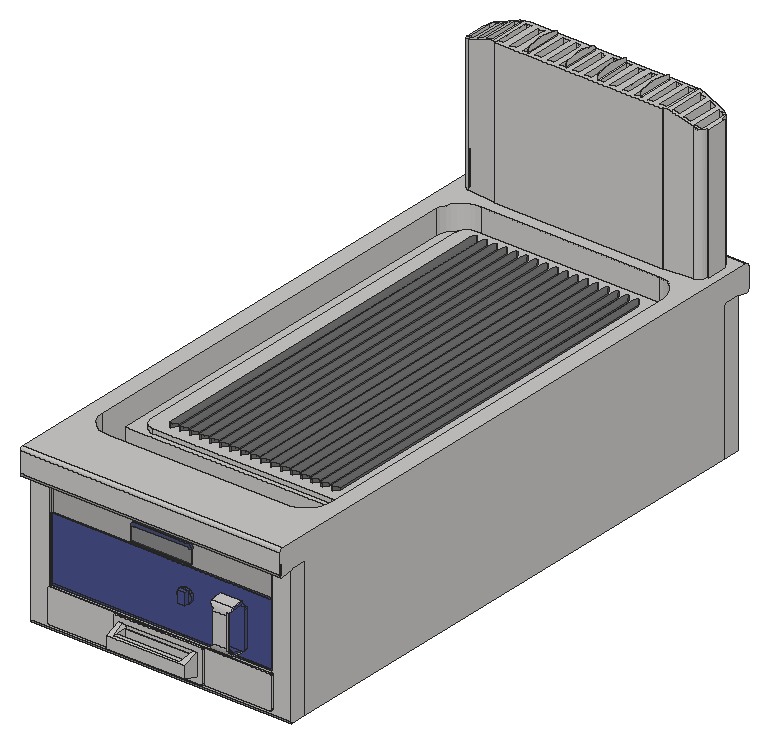
Revit family "QF_ELECTROLUXPROFESSIONAL_589100_MCHNAADOPO", category Specialty Equipment, Revit 2018
Family settings
  Round Connector Dimension = Use Diameter
  Part Type = Normal
  Work Plane-Based = No
  Always vertical = Yes
  Cut with Voids When Loaded = No
  Shared = No
  Room Calculation Point = No
Parameters
  Weight in Pounds = 152.1
  Watts = 0 W
  URL Cutsheet = ""
  Type Mark [instance] = ""
  Specification by User [instance] = ""
  Specification by Manufacturer = ""
  Show Clearance [instance] = yes
  Serial Number = ""
  Seismic Rating = ""
  SMACNA No = ""
  Revision Code [instance] = ""
  Omniclass Number and Title = ""
  NAFEM Spec ID Number = ""
  Model = "589100"
  Mechanical Remarks = ""
  Mechanical Connection Type = ""
  Masterspec = ""
  Manufacturer = "ELECTROLUX"
  Item Number [instance] = ""
  Installed By [instance] = ""
  Identify Quantity as Lot [instance] = yes
  HP = "0 HP"
  Gas Size = 1/2"
  Gas RI Height [instance] = 0 mm
  Gas KW = 10
  Gas Input [instance] = 34090.0 Btu/h
  Gas Connection Height = 0 mm
  Furnished By [instance] = ""
  Foodservice Equipment Identifier [instance] = yes
  Direct Waste Size = 0"
  Description = "GAS FRYTOP,RIBBED PL,1-SIDE,400X900X250H"
  CSI MasterFormat = ""
  CSI Master Format = ""
  Back Panel [instance] = yes
Reference planes
  plane 1 "BACK": y = 0
  plane 2: z = 0
  plane 3 "LEFT": x = 0
  plane 4 "RIGHT": x = 400
  plane 5 "FRONT": y = -900
  plane 6 "TOP": z = 250
  plane 7: x = 200
  plane 8: y = -450
  plane 9: z = 481
  plane 10: y = -1330
Forms (mm)
  Extrusion 1, solid, material "QF_Finishes_Stainless Steel"
    sketch origin (0, -487.128, 0) x (0, 1, 0) y (0, 0, 1)
      loop
        line (483.128, 250) -> (-408.872, 250)
        arc (-408.872, 250) -> (-411.7, 248.828) -> (-412.872, 246) r 4
        line (-412.872, 246) -> (-412.872, 214)
        arc (-412.872, 214) -> (-411.443, 210.936) -> (-408.177, 210.061) r 4
        line (-408.177, 210.061) -> (-391.509, 213) -> (-366.872, 213) -> (-366.872, 0) -> (441.128, 0) -> (441.128, 213) -> (465.765, 213) -> (482.433, 210.061)
        arc (482.433, 210.061) -> (485.699, 210.936) -> (487.128, 214) r 4
        line (487.128, 214) -> (487.128, 246)
        arc (487.128, 246) -> (485.956, 248.828) -> (483.128, 250) r 4
    from 0 to 400
  Extrusion 2, solid, material "QF_Finishes_Stainless Steel", visible <- "Back Panel"
    sketch origin (0, 0, 0) x (0, 1, 0) y (0, 0, 1)
      loop
        line (-46, 0) -> (-20, 0) -> (-20, 213) -> (-46, 213) -> (-46, 0)
    from 0 to 400
  Extrusion 3, void
    sketch origin (653.786, 44.048, 250) x (1, 0, 0) y (0, -1, 0)
      loop
        line (-590.636, 138.048) -> (-316.936, 138.048)
        arc (-316.936, 138.048) -> (-289.96, 149.222) -> (-278.786, 176.198) r 38.15
        line (-278.786, 176.198) -> (-278.786, 816.572)
        arc (-278.786, 816.572) -> (-290.056, 843.779) -> (-317.263, 855.048) r 38.476
        line (-317.263, 855.048) -> (-591.786, 855.048)
        arc (-591.786, 855.048) -> (-617.949, 844.211) -> (-628.786, 818.048) r 37
        line (-628.786, 818.048) -> (-628.786, 176.198)
        arc (-628.786, 176.198) -> (-617.613, 149.222) -> (-590.636, 138.048) r 38.15
    from 0 to 37
  Extrusion 4, void
    sketch origin (1307.573, 92.096, 213) x (0, 1, 0) y (1, 0, 0)
      loop
        line (-821.846, -932.573) -> (-864.62, -932.573)
        arc (-864.62, -932.573) -> (-891.827, -943.842) -> (-903.096, -971.049) r 38.476
        line (-903.096, -971.049) -> (-903.096, -1245.573)
        arc (-903.096, -1245.573) -> (-892.259, -1271.736) -> (-866.096, -1282.573) r 37
        line (-866.096, -1282.573) -> (-821.846, -1282.573) -> (-821.846, -932.573)
    from 0 to 25.6
  Extrusion 5, void
    sketch origin (1307.573, 92.096, 187.4) x (-1, 0, 0) y (0, 1, 0)
      loop
        circle (1212.573, -862.096) r 22.248
    from 0 to 92
  Extrusion 6, solid, material "QF_Finishes_Stainless Steel"
    sketch origin (0, -854, 0) x (1, 0, 0) y (0, -1, 0)
      loop
        circle (365, -264) r 6.35
    from 0 to 3.2
  Extrusion 7, solid, material "QF_Door-Drawer Clearances", visible <- "Show Clearance", detail levels coarse
    sketch origin (237.31, -881.593, 8.62) x (0, 0, 1) y (-1, 0, 0)
      loop
        line (1.973, -134.295) -> (49.317, -134.295)
        arc (49.317, -134.295) -> (50.776, -133.691) -> (51.38, -132.232) r 2.063
        line (51.38, -132.232) -> (51.38, 206.852)
        arc (51.38, 206.852) -> (50.88, 208.549) -> (49.541, 209.705) r 3.133
        line (49.541, 209.705) -> (3.067, 209.705)
        arc (3.067, 209.705) -> (0.898, 208.807) -> (0, 206.638) r 3.067
        line (0, 206.638) -> (0, -132.322)
        arc (0, -132.322) -> (0.578, -133.717) -> (1.973, -134.295) r 1.973
    from 0 to 448.407
  Extrusion 8, solid, material "QF_Clearances", visible <- "Show Clearance", detail levels coarse
    sketch origin (-178.969, -4572, 0) x (-1, 0, 0) y (0, -1, 0)
      loop
        line (-78.969, -3672) -> (-178.969, -3672) -> (-178.969, -4572) -> (-578.969, -4572) -> (-578.969, -3672) -> (-678.969, -3672) -> (-678.969, -4672) -> (-78.969, -4672) -> (-78.969, -3672)
    from 0 to 250
Cuts and joins
  Extrusion 3, Extrusion 4, Extrusion 5 cuts Extrusion 1
Lines and regions (mm)
  symbolic lines
    curve 1: line (293.666, -902.326, 0) -> (293.666, -900, 0)
    curve 2: spline (299.334, -903.73, 0) -> (298.856, -903.657, 0) -> (298.378, -903.575, 0) -> (297.901, -903.486, 0) -> (297.425, -903.389, 0) -> (296.95, -903.283, 0) -> (296.476, -903.17, 0) -> (296.004, -903.049, 0) -> (295.533, -902.92, 0) -> (295.064, -902.783, 0) -> (294.596, -902.638, 0) -> (294.13, -902.486, 0) -> (293.666, -902.326, 0)
    curve 3: line (325.881, -902.326, 0) -> (325.881, -900, 0)
    curve 4: spline (325.881, -902.326, 0) -> (325.417, -902.486, 0) -> (324.951, -902.638, 0) -> (324.483, -902.783, 0) -> (324.014, -902.92, 0) -> (323.543, -903.049, 0) -> (323.071, -903.17, 0) -> (322.597, -903.283, 0) -> (322.122, -903.389, 0) -> (321.646, -903.486, 0) -> (321.169, -903.575, 0) -> (320.691, -903.657, 0) -> (320.213, -903.73, 0)
    curve 5: line (299.334, -903.73, 0) -> (320.213, -903.73, 0)
    curve 6: line (25, -774, 0) -> (25, -132.15, 0)
    curve 7: arc (25, -132.15, 0) -> (36.174, -105.174, 0) -> (63.15, -94, 0) r 38.15
    curve 8: line (63.15, -94, 0) -> (336.85, -94, 0)
    curve 9: arc (336.85, -94, 0) -> (363.826, -105.174, 0) -> (375, -132.15, 0) r 38.15
    curve 10: line (375, -132.15, 0) -> (375, -772.524, 0)
    curve 11: arc (375, -772.524, 0) -> (363.731, -799.731, 0) -> (336.524, -811, 0) r 38.476
    curve 12: line (336.524, -811, 0) -> (62, -811, 0)
    curve 13: arc (62, -811, 0) -> (35.837, -800.163, 0) -> (25, -774, 0) r 37
    curve 14: line (375, -729.75, 0) -> (25, -729.75, 0)
    curve 15: circle (95, -770, 0) r 22.248 normal (0, 0, -1)
    curve 16: line (0, 0, 0) -> (400, 0, 0)
    curve 17: line (0, -900, 0) -> (0, 0, 0)
    curve 18: line (400, -900, 0) -> (0, -900, 0)
    curve 19: line (400, 0, 0) -> (400, -900, 0)
    curve 20: line (147.608, -908.767, 0) -> (250.042, -908.767, 0)
    curve 21: line (250.042, -908.767, 0) -> (251.588, -900, 0)
    curve 22: line (147.608, -908.767, 0) -> (146.062, -900, 0)
  symbolic lines, style "QF_Door-Drawer Clearances"
    curve 23: line (27.605, -1330, 0) -> (27.605, -900, 0)
    curve 24: line (27.605, -1330, 0) -> (371.605, -1330, 0)
    curve 25: line (371.605, -1330, 0) -> (371.605, -900, 0)
  symbolic lines, style "QF_Clearances", visible <- "Show Clearance", detail levels coarse
    curve 26: line (-100, 100, 0) -> (-100, -900, 0)
    curve 27: line (500, 100, 0) -> (-100, 100, 0)
    curve 28: line (500, -900, 0) -> (500, 100, 0)
Dimensions and locks
  plane 3 "LEFT" to plane 4 "RIGHT" = 400 mm
  plane 5 "FRONT" to plane 1 "BACK" = 900 mm
  equal spacing: plane 3 "LEFT", plane 7, plane 4 "RIGHT"
  equal spacing: plane 5 "FRONT", plane 8, plane 1 "BACK"
  plane 6 "TOP" to level = 250 mm  (x2)
  plane 1 "BACK" to plane 5 "FRONT" = 900 mm
  Extrusion 6 sketch curve to plane 1 "BACK" = 590 mm
  Extrusion 6 sketch curve to plane 4 "RIGHT" = 35 mm
  plane 5 "FRONT" to plane 10 = 430 mm
  plane 9 to plane 6 "TOP" = 231 mm
  plane 9 to level = 481 mm
  Extrusion 8 to plane 3 "LEFT" = 100 mm
  plane 4 "RIGHT" to Extrusion 8 = 100 mm
  plane 1 "BACK" to Extrusion 8 = 100 mm
  aligned and locked: level to plane 2
  aligned and locked: plane 7 to nested 1
  aligned and locked: Extrusion 7 to plane 10
  aligned and locked: nested 2 to plane 6 "TOP"
  aligned and locked: plane 6 "TOP" to Extrusion 8
  aligned and locked: plane 7 to nested 3
Automatic sketch dimensions
  Extrusion 2 sketch curve to Extrusion 2 sketch curve = 26 mm
  plane 1 "BACK" to Extrusion 2 sketch curve = 20 mm
  Extrusion 1 to Extrusion 3 sketch curve = 90 mm
  Extrusion 1 to Extrusion 3 sketch curve = 122 mm
  Extrusion 1 to Extrusion 3 sketch curve = 25 mm
  Extrusion 3 sketch curve to Extrusion 3 sketch curve = 38.15 mm  (x2)
  Extrusion 1 to Extrusion 3 sketch curve = 123.476 mm
  Extrusion 1 to Extrusion 3 sketch curve = 85 mm
  Extrusion 3 sketch curve to Extrusion 3 sketch curve = 274.524 mm
  Extrusion 1 sketch curve to plane 5 "FRONT" = 0 mm
  Extrusion 1 sketch curve to plane 6 "TOP" = 0 mm
  Extrusion 1 sketch curve to level = 0 mm
  Extrusion 1 sketch curve to plane 1 "BACK" = 0 mm
  Extrusion 1 sketch curve to plane 6 "TOP" = 37 mm  (x2)
  Extrusion 1 sketch curve to plane 5 "FRONT" = 4 mm
  Extrusion 1 sketch curve to plane 5 "FRONT" = 21.363 mm
  Extrusion 1 sketch curve to plane 5 "FRONT" = 46 mm
  plane 1 "BACK" to Extrusion 1 sketch curve = 21.363 mm
  plane 1 "BACK" to Extrusion 1 sketch curve = 4 mm  (x2)
  Extrusion 1 sketch curve to Extrusion 1 sketch curve = 4 mm
  Extrusion 1 sketch curve to Extrusion 1 sketch curve = 0.695 mm
  Extrusion 1 sketch curve to Extrusion 1 sketch curve = 0 mm  (x4)
  plane 1 "BACK" to Extrusion 1 sketch curve = 4.695 mm
  Extrusion 1 sketch curve to Extrusion 1 sketch curve = 1 mm  (x2)
  plane 1 "BACK" to Extrusion 1 sketch curve = 46 mm
  Extrusion 4 sketch curve to Extrusion 3 = 81.25 mm
  Extrusion 3 to Extrusion 4 sketch curve = 0 mm  (x2)
  Extrusion 4 sketch curve to Extrusion 4 sketch curve = 37 mm
  Extrusion 4 sketch curve to Extrusion 4 sketch curve = 274.524 mm
  Extrusion 4 sketch curve to Extrusion 3 = 38.476 mm
  Extrusion 5 sketch curve to Extrusion 4 = 41 mm
  Extrusion 5 sketch curve to Extrusion 4 = 70 mm
  Extrusion 7 sketch curve to nested 1 = 1.973 mm
  Extrusion 7 sketch curve to nested 1 = 2.853 mm
  Extrusion 7 sketch curve to nested 1 = 1.839 mm
  plane 1 "BACK" to curve 16 = 0 mm
  curve 16 to plane 4 "RIGHT" = 0 mm
  curve 23 to plane 10 = 0 mm
  curve 17 to plane 3 "LEFT" = 0 mm
  plane 5 "FRONT" to curve 25 = 0 mm
  plane 4 "RIGHT" to curve 10 = 25 mm
  curve 10 to curve 8 = 38.15 mm
  curve 11 to curve 12 = 38.476 mm
  plane 5 "FRONT" to curve 21 = 8.767 mm
  plane 5 "FRONT" to curve 3 = 2.326 mm
  plane 7 to curve 3 = 125.881 mm
  plane 5 "FRONT" to curve 5 = 3.73 mm
  curve 3 to curve 5 = 5.669 mm
  curve 5 to curve 22 = 172.605 mm
  curve 5 to curve 20 = 151.727 mm
  plane 5 "FRONT" to curve 1 = 2.326 mm
  curve 2 to curve 1 = 5.669 mm
  plane 3 "LEFT" to curve 8 = 63.15 mm
  plane 3 "LEFT" to curve 12 = 62 mm
  plane 3 "LEFT" to curve 23 = 27.605 mm
  plane 3 "LEFT" to curve 6 = 25 mm
  plane 4 "RIGHT" to curve 25 = 28.395 mm
  plane 5 "FRONT" to curve 4 = 4.032 mm
  curve 5 to curve 4 = 4.17 mm
  curve 4 to curve 22 = 169.98 mm
  curve 4 to curve 2 = 12.538 mm
  curve 15 to curve 13 = 33 mm
  plane 1 "BACK" to curve 8 = 94 mm
  curve 10 to plane 5 "FRONT" = 127.476 mm
  curve 14 to curve 13 = 44.25 mm
  curve 15 to curve 13 = 4 mm
  curve 2 to curve 4 = 0 mm
  plane 7 to curve 21 = 50.042 mm
  curve 21 to curve 20 = 1.546 mm
  plane 1 "BACK" to Extrusion 8 sketch curve = 0 mm
  plane 5 "FRONT" to Extrusion 8 sketch curve = 0 mm  (x2)
  Extrusion 8 sketch curve to plane 4 "RIGHT" = 100 mm
  Extrusion 8 sketch curve to plane 1 "BACK" = 100 mm
  Extrusion 8 sketch curve to plane 3 "LEFT" = 100 mm
  Extrusion 8 sketch curve to plane 3 "LEFT" = 0 mm
  Extrusion 8 sketch curve to plane 4 "RIGHT" = 0 mm
  curve 26 to plane 3 "LEFT" = 100 mm
  curve 26 to plane 1 "BACK" = 100 mm
  plane 5 "FRONT" to curve 26 = 0 mm
  curve 27 to plane 4 "RIGHT" = 100 mm
  plane 5 "FRONT" to curve 28 = 0 mm
  Extrusion 2 sketch curve to level = 0 mm
  Extrusion 2 sketch curve to plane 6 "TOP" = 37 mm
  radius of Extrusion 5 sketch curve = 22.248 mm
  radius of Extrusion 6 sketch curve = 6.35 mm
  radius of Extrusion 7 sketch curve to nested 1 = 0 mm  (x2)
  radius of curve 15 = 22.248 mm
Nested families
  nested 1: "GG_900_400 Front Panel with Center Grease Trap" at (202.376, -854, -650), type "GG_900_400 Front Panel with Center Grease Trap"
  nested 2: "GG_900_Flute for 400 fryer" at (404.201, -5, -635.571), type "GG_900_Flute for 400 fryer"
  nested 3: "GG_900_400 mm Full Grate" at (200, -411.875, -675), type "GG_900_400 mm Full Grate"
Connectors
  piping at (365, -590, -3.2), diameter 12.8
    settings: on Extrusion 6, index 1, connector inside diameter 0.50394", connector length 0 mm, flow factor 0, pipe flow 0 GPM, pressure drop 0.00 psi, fitting loss kfactor 0, connector angle 0.00°, fixture units 0, engagement length 0 mm, angle of deflection 0.00°, flow configuration 1, flow direction 1, fitting loss method 0, system type 7, joint type 0, gender type 0, connector reference index -1, connector utility 0, adjustable connector no, is connector primary yes, connector description "GAS CONNECTION"
Definition of nested family "GG_900_400 Front Panel with Center Grease Trap"
  Reference planes
    plane 1 "Center (Front/Back)": y = 0
    plane 2: z = 0
    plane 3 "Center (Left/Right)": x = -2.376
    plane 4: x = -202.376
    plane 5: x = 197.624
  Forms (mm)
    Extrusion 1, solid
      sketch origin (833.217, 829.203, -1.25) x (0, 1, 0) y (0, 0, 1)
        loop
          arc (-854.203, 654.25) -> (-853.324, 652.129) -> (-851.203, 651.25) r 3
          line (-851.203, 651.25) -> (-829.203, 651.25) -> (-829.203, 864.25) -> (-854.203, 864.25) -> (-854.203, 654.25)
      from -1035.593 to -635.593
    Extrusion 2, void
      sketch origin (33.217, 829.203, -1.25) x (1, 0, 0) y (0, 0, 1)
        loop
          line (-207.593, 855.116) -> (-207.593, 713.116) -> (136.407, 713.116) -> (136.407, 855.116) -> (-207.593, 855.116)
      from 848.59 to 854.203
    Extrusion 3, solid
      sketch origin (-166.718, -23.053, 847.184) x (0, 0, -1) y (1, 0, 0)
        loop
          circle (77.168, 200.901) r 11
      from 0 to 3.2
    Extrusion 4, solid
      sketch origin (-166.718, -26.253, 847.184) x (0, 0, -1) y (1, 0, 0)
        loop
          line (67.962, 195.586) -> (86.297, 195.586) -> (86.297, 206.217) -> (67.962, 206.217) -> (67.962, 195.586)
      from 0 to 6.4
  Cuts and joins
    Extrusion 2 cuts Extrusion 1
  Dimensions and locks
    equal spacing: plane 5, plane 3 "Center (Left/Right)", plane 4
    plane 5 to plane 4 = 400 mm
    plane 5 to nested 1 = 90 mm
    aligned and locked: cut or joined group of Extrusion 1, Extrusion 2 to plane 4
    aligned and locked: plane 5 to cut or joined group of Extrusion 1, Extrusion 2
    aligned and locked: plane 3 "Center (Left/Right)" to nested 2
    aligned and locked: cut or joined group of Extrusion 1, Extrusion 2 to nested 2
    aligned and locked: plane 3 "Center (Left/Right)" to nested 3
  Automatic sketch dimensions
    Extrusion 1 sketch curve to plane 1 "Center (Front/Back)" = 0 mm
    plane 1 "Center (Front/Back)" to Extrusion 1 sketch curve = 22 mm
    Extrusion 1 sketch curve to Extrusion 1 sketch curve = 3 mm
    level to Extrusion 1 sketch curve = 650 mm
    Extrusion 1 sketch curve to Extrusion 1 sketch curve = 210 mm
    plane 4 to Extrusion 2 sketch curve = 28 mm
    Extrusion 2 sketch curve to plane 5 = 28 mm
    level to Extrusion 2 sketch curve = 711.866 mm
    Extrusion 2 sketch curve to Extrusion 2 sketch curve = 142 mm
    nested 2 to Extrusion 3 sketch curve = 40.144 mm
    Extrusion 3 sketch curve to nested 2 = 132.531 mm
    Extrusion 4 sketch curve to Extrusion 4 sketch curve = 18.335 mm
    Extrusion 4 sketch curve to Extrusion 4 sketch curve = 10.631 mm
    radius of Extrusion 3 sketch curve = 11 mm
  Nested families
    nested 1: "Range Control Handle" at (107.624, -28.137, -209.113) x (-1, 0, 0) z (0, 0, 1), type "Range Control Handle"
    nested 2: "glass conrol panel" at (-2.376, 280.644, 2.752), type "glass conrol panel"
    nested 3: "grease trap door" at (65.223, -25, 0.608) x (-1, 0, 0) z (0, 0, 1), type "grease trap door"
  Definition of nested family "Range Control Handle"
    Reference planes
      plane 1 "Center (Front/Back)": y = 0
      plane 2: z = 0
      plane 3 "Center (Left/Right)": x = 0
      plane 4: z = 971.092
    Forms (mm)
      Extrusion 1, solid
        sketch origin (-746.28, 380.497, 208.931) x (-1, 0, 0) y (0, 0, 1)
          loop
            line (-770.101, 786.798) -> (-770.101, 731.649)
            arc (-770.101, 731.649) -> (-769.759, 730.563) -> (-768.855, 729.87) r 1.893
            line (-768.855, 729.87) -> (-763.474, 727.911) -> (-729.81, 727.911) -> (-724.428, 729.87)
            arc (-724.428, 729.87) -> (-723.525, 730.563) -> (-723.183, 731.649) r 1.893
            line (-723.183, 731.649) -> (-723.183, 786.798)
            arc (-723.183, 786.798) -> (-723.529, 787.894) -> (-724.44, 788.593) r 1.91
            line (-724.44, 788.593) -> (-729.683, 790.819) -> (-763.601, 790.819) -> (-768.844, 788.593)
            arc (-768.844, 788.593) -> (-769.755, 787.894) -> (-770.101, 786.798) r 1.91
        from -382.35 to -378.852
      Sweep 2, solid
        path origin (-746.788, 380.496, 208.091) x (0, -1, 0) y (0, 0, 1)
          loop
            line (379.775, 793.281) -> (395.661, 791.048)
            arc (395.661, 791.048) -> (397.781, 787.377) -> (398.517, 783.202) r 12.207
            line (398.517, 783.202) -> (398.517, 737.368)
            arc (398.517, 737.368) -> (397.781, 733.193) -> (395.661, 729.522) r 12.207
            line (395.661, 729.522) -> (379.775, 727.289)
        profile origin (-746.788, -7.222, 1000.256) x (0, -0.139173, 0.990268) y (-1, 0, 0)
          loop
            line (0.782, -763.123) -> (0.782, -730.907) -> (-1.322, -730.907) -> (-1.322, -763.123) -> (0.782, -763.123)
      Sweep 3, solid
        path origin (-746.788, 380.715, 207.832) x (0, -1, 0) y (0, 0, 1)
          loop
            line (380.478, 795.442) -> (397.218, 793.09)
            arc (397.218, 793.09) -> (399.929, 788.473) -> (400.871, 783.202) r 15.207
            line (400.871, 783.202) -> (400.871, 737.584)
            arc (400.871, 737.584) -> (399.914, 732.274) -> (397.164, 727.633) r 15.207
            line (397.164, 727.633) -> (380.601, 725.305)
        profile origin (-746.788, -8.132, 1002.099) x (0, -0.139173, 0.990268) y (-1, 0, 0)
          loop
            line (0.782, -763.123) -> (0.782, -730.907) -> (-1.322, -730.907) -> (-1.322, -763.123) -> (0.782, -763.123)
      Extrusion 4, void
        sketch origin (889.253, 220.666, 207.993) x (1, 0, 0) y (0, 0, 1)
          loop
            line (-943.038, 816.854) -> (-943.038, 703.686) -> (-899.466, 734.196) -> (-899.466, 786.344) -> (-943.038, 816.854)
        from 230.636 to 242.25
      Extrusion 5, void
        sketch origin (-888.8, 220.666, 207.993) x (-1, 0, 0) y (0, 0, -1)
          loop
            line (-943.038, -816.854) -> (-899.466, -786.344) -> (-899.466, -734.196) -> (-943.038, -703.686) -> (-943.038, -816.854)
        from 230.636 to 242.25
      Extrusion 6, solid
        sketch origin (0, 0, 0) x (1, 0, 0) y (0, 0, 1)
          loop
            circle (0, 971.092) r 7.736
        from -3.137 to -1.645
    Cuts and joins
      Extrusion 4, Extrusion 5 cuts Sweep 3
      Extrusion 4, Extrusion 5 cuts Sweep 2
      joined: Extrusion 1, Extrusion 6
    Lines and regions (mm)
      symbolic lines
        curve 1: line (23.821, 1.645, 0) -> (-23.097, 1.645, 0)
        curve 2: line (16.334, -1.853, 0) -> (23.821, -1.853, 0)
        curve 3: line (-15.881, -19.189, 0) -> (-15.881, -1.853, 0)
        curve 4: line (-23.097, -1.853, 0) -> (-15.881, -1.853, 0)
        curve 5: line (16.334, -19.189, 0) -> (16.334, -1.853, 0)
        curve 6: spline (-15.881, -19.189, 0) -> (-15.417, -19.349, 0) -> (-14.951, -19.501, 0) -> (-14.483, -19.646, 0) -> (-14.014, -19.783, 0) -> (-13.543, -19.912, 0) -> (-13.071, -20.033, 0) -> (-12.597, -20.146, 0) -> (-12.122, -20.251, 0) -> (-11.646, -20.349, 0) -> (-11.169, -20.438, 0) -> (-10.691, -20.52, 0) -> (-10.213, -20.593, 0)
        curve 7: spline (10.666, -20.593, 0) -> (11.144, -20.52, 0) -> (11.622, -20.438, 0) -> (12.099, -20.349, 0) -> (12.575, -20.251, 0) -> (13.05, -20.146, 0) -> (13.524, -20.033, 0) -> (13.996, -19.912, 0) -> (14.467, -19.783, 0) -> (14.936, -19.646, 0) -> (15.404, -19.501, 0) -> (15.87, -19.349, 0) -> (16.334, -19.189, 0)
        curve 8: line (-10.213, -20.938, 0) -> (10.716, -20.938, 0)
        curve 9: line (-23.097, 1.645, 0) -> (-23.097, -1.853, 0)
        curve 10: line (23.821, 1.645, 0) -> (23.821, -1.853, 0)
  Definition of nested family "glass conrol panel"
    Reference planes
      plane 1 "Center (Front/Back)": y = 0
      plane 2: z = 0
      plane 3 "Center (Left/Right)": x = 0
    Forms (mm)
      Extrusion 1, solid
        sketch origin (378.286, 0, 0.617) x (1, 0, 0) y (0, 0, 1)
          loop
            line (-550.286, 806.791) -> (-550.286, 708.497) -> (-206.286, 708.497) -> (-206.286, 806.791) -> (-550.286, 806.791)
        from 300.031 to 304.8
      Extrusion 2, solid
        sketch origin (378.286, 0, 0.617) x (1, 0, 0) y (0, 0, 1)
          loop
            line (-550.286, 850.497) -> (-550.286, 806.791) -> (-206.286, 806.791) -> (-206.286, 850.497) -> (-550.286, 850.497)
        from 300.031 to 304.8
      Extrusion 3, void
        sketch origin (378.286, 0, 0.617) x (1, 0, 0) y (0, 0, 1)
          loop
            line (-547.628, 847.565) -> (-547.628, 710.699) -> (-209.196, 710.699) -> (-209.196, 847.565) -> (-547.628, 847.565)
        from 303.697 to 304.8
      Extrusion 4, solid
        sketch origin (-308.309, 1.101, -0.633) x (-1, 0, 0) y (0, 0, -1)
          loop
            line (-261.431, -812.62) -> (-355.186, -812.62) -> (-355.186, -834.177) -> (-350.269, -834.177) -> (-348.469, -835.977) -> (-268.039, -835.977) -> (-266.24, -834.177) -> (-261.431, -834.177) -> (-261.431, -812.62)
        from 304.798 to 306.745
      Extrusion 5, solid
        sketch origin (-308.309, 1.101, -0.633) x (-1, 0, 0) y (0, 0, -1)
          loop
            line (-350.269, -834.177) -> (-355.078, -834.177)
            arc (-355.078, -834.177) -> (-353.942, -838.747) -> (-349.686, -840.763) r 5.5
            line (-349.686, -840.763) -> (-266.98, -840.763)
            arc (-266.98, -840.763) -> (-262.706, -838.752) -> (-261.529, -834.177) r 5.549
            line (-261.529, -834.177) -> (-266.24, -834.177) -> (-268.039, -835.977) -> (-348.469, -835.977) -> (-350.269, -834.177)
        from 304.798 to 306.745
    Cuts and joins
      Extrusion 3 cuts Extrusion 1
      Extrusion 3 cuts Extrusion 2
    Dimensions and locks
      aligned and locked: Extrusion 1 to Extrusion 2
      aligned and locked: Extrusion 5 sketch curve to Extrusion 4  (x5)
      aligned and locked: Extrusion 5 to Extrusion 4
  Definition of nested family "grease trap door"
    Reference planes
      plane 1 "Center (Front/Back)": y = 0
      plane 2: z = 0
      plane 3 "Center (Left/Right)": x = 0
    Forms (mm)
      Extrusion 1, solid
        sketch origin (1627.55, 854.203, -1.25) x (1, 0, 0) y (0, 0, 1)
          loop
            arc (-1627.55, 661.235) -> (-1626.972, 659.84) -> (-1625.577, 659.262) r 1.973
            line (-1625.577, 659.262) -> (-1494.325, 659.262)
            arc (-1494.325, 659.262) -> (-1492.156, 660.16) -> (-1491.258, 662.329) r 3.067
            line (-1491.258, 662.329) -> (-1491.258, 708.803)
            arc (-1491.258, 708.803) -> (-1492.414, 710.143) -> (-1494.111, 710.642) r 3.133
            line (-1494.111, 710.642) -> (-1625.486, 710.642)
            arc (-1625.486, 710.642) -> (-1626.945, 710.038) -> (-1627.55, 708.579) r 2.063
            line (-1627.55, 708.579) -> (-1627.55, 661.235)
        from 856.795 to 859.203
      Extrusion 2, solid
        sketch origin (445.874, 2476.61, 0) x (0, 1, 0) y (0, 0, 1)
          loop
            line (-2506.377, 675.273) -> (-2481.61, 667.505) -> (-2481.61, 700.995) -> (-2506.377, 693.227) -> (-2506.377, 675.273)
        from -437.68 to -317.68
      Extrusion 3, void
        sketch origin (1627.55, 854.203, -1.25) x (1, 0, 0) y (0, 0, 1)
          loop
            line (-1614.883, 703) -> (-1610.542, 695.433) -> (-1508.17, 695.433) -> (-1503.828, 703) -> (-1614.883, 703)
          loop
            line (-1614.883, 668) -> (-1502.669, 668) -> (-1507.01, 675.567) -> (-1610.542, 675.567) -> (-1614.883, 668)
        from 832.916 to 883.97
      Extrusion 4, void
        sketch origin (447.55, 854.203, -1.25) x (1, 0, 0) y (0, 0, 1)
          loop
            line (-430.542, 695.433) -> (-430.542, 675.567) -> (-328.17, 675.567) -> (-328.17, 695.433) -> (-430.542, 695.433)
        from 859.203 to 874.202
      Extrusion 5, solid
        sketch origin (1627.55, 854.203, -1.25) x (1, 0, 0) y (0, 0, 1)
          loop
            arc (-1731.556, 661.235) -> (-1730.978, 659.84) -> (-1729.583, 659.262) r 1.973
            line (-1729.583, 659.262) -> (-1390.623, 659.262)
            arc (-1390.623, 659.262) -> (-1388.454, 660.16) -> (-1387.556, 662.329) r 3.067
            line (-1387.556, 662.329) -> (-1387.556, 708.803)
            arc (-1387.556, 708.803) -> (-1388.712, 710.143) -> (-1390.409, 710.642) r 3.133
            line (-1390.409, 710.642) -> (-1729.493, 710.642)
            arc (-1729.493, 710.642) -> (-1730.952, 710.038) -> (-1731.556, 708.579) r 2.063
            line (-1731.556, 708.579) -> (-1731.556, 661.235)
        from 854.203 to 856.795
    Cuts and joins
      Extrusion 3 cuts Extrusion 1
      Extrusion 3, Extrusion 4 cuts Extrusion 2
      joined: Extrusion 1, Extrusion 2
    Lines and regions (mm)
      symbolic lines
        curve 1: line (0, -2.593, 0) -> (136.292, -2.593, 0)
        curve 2: line (17.557, -29.767, 0) -> (12.667, -2.593, 0)
        curve 3: line (17.557, -29.767, 0) -> (119.991, -29.767, 0)
        curve 4: line (119.991, -29.767, 0) -> (124.881, -2.593, 0)
        curve 5: line (68.146, -2.593, 0) -> (68.146, -29.767, 0)
      model lines
        curve 6: line (67.599, 0, 658.012) -> (67.599, 0, 709.392)
    Dimensions and locks
      aligned and locked: Extrusion 2 to Extrusion 1
      aligned and locked: Extrusion 3 to Extrusion 2
      aligned and locked: Extrusion 4 to Extrusion 1
Definition of nested family "GG_900_Flute for 400 fryer"
  Reference planes
    plane 1 "Center (Front/Back)": y = 0
    plane 2: z = 0
    plane 3 "Center (Left/Right)": x = -138.888
    plane 4: x = -388.888
    plane 5: y = -37.994
    plane 6: x = -24.888
    plane 7: x = -382.888
    plane 8: x = -341.546
    plane 9: x = -397.742
    plane 10: x = -10.763
  Forms (mm)
    Extrusion 1, solid
      sketch origin (3208.371, -22.924, -275.679) x (1, 0, 0) y (0, 0, 1)
        loop
          line (-3597.259, 1365.162) -> (-3597.259, 1161.25) -> (-3227.259, 1161.25) -> (-3227.259, 1364.934) -> (-3271.553, 1381.055)
          arc (-3271.553, 1381.055) -> (-3274.994, 1381.949) -> (-3278.536, 1382.25) r 21
          line (-3278.536, 1382.25) -> (-3546.608, 1382.25)
          arc (-3546.608, 1382.25) -> (-3550.146, 1381.95) -> (-3553.582, 1381.058) r 21
          line (-3553.582, 1381.058) -> (-3597.259, 1365.162)
      from -17.885 to 48.024
    Extrusion 2, void
      sketch origin (3110.917, -926.426, -226.348) x (1, 0, 0) y (0, 1, 0)
        loop
          line (-3444.887, 915.362) -> (-3444.887, 861.502) -> (-3434.887, 861.502) -> (-3434.887, 915.362) -> (-3444.887, 915.362)
      from 1111.919 to 1332.919
    Extrusion 3, void
      sketch origin (0, 0, 0) x (1, 0, 0) y (0, 1, 0)
        loop
          line (-373.021, -61.567) -> (-373.021, -14.408) -> (-377.678, -14.821)
          spline (-377.678, -14.821) -> (-378.371, -14.929) -> (-379.046, -15.126) -> (-379.692, -15.41) -> (-380.301, -15.777) -> (-380.864, -16.22) -> (-381.37, -16.734) -> (-381.814, -17.309) -> (-382.188, -17.939) -> (-382.486, -18.613) -> (-382.704, -19.32) -> (-382.839, -20.051) -> (-382.888, -20.793)
          line (-382.888, -20.793) -> (-382.888, -55.104)
          spline (-382.888, -55.104) -> (-382.855, -55.807) -> (-382.746, -56.501) -> (-382.562, -57.176) -> (-382.305, -57.825) -> (-381.98, -58.437) -> (-381.589, -59.005) -> (-381.14, -59.521) -> (-380.637, -59.978) -> (-380.087, -60.369) -> (-379.499, -60.69) -> (-378.879, -60.936) -> (-378.237, -61.104)
          line (-378.237, -61.104) -> (-373.021, -61.567)
        loop
          line (-367.195, -62.083) -> (-357.328, -62.958) -> (-357.328, -13.046) -> (-367.195, -13.892) -> (-367.195, -62.083)
        loop
          line (-351.502, -12.529) -> (-351.502, -63.476) -> (-341.546, -64.358) -> (-341.546, -11.645) -> (-351.502, -12.529)
        loop
          line (-29.412, -14.802) -> (-33.505, -14.439) -> (-33.505, -61.567) -> (-28.848, -61.184)
          spline (-28.848, -61.184) -> (-28.15, -61.075) -> (-27.471, -60.875) -> (-26.82, -60.588) -> (-26.208, -60.217) -> (-25.644, -59.768) -> (-25.136, -59.248) -> (-24.692, -58.666) -> (-24.32, -58.029) -> (-24.024, -57.349) -> (-23.81, -56.634) -> (-23.681, -55.897) -> (-23.638, -55.149)
          line (-23.638, -55.149) -> (-23.638, -20.839)
          spline (-23.638, -20.839) -> (-23.689, -20.042) -> (-23.837, -19.26) -> (-24.082, -18.505) -> (-24.417, -17.791) -> (-24.838, -17.13) -> (-25.338, -16.534) -> (-25.906, -16.014) -> (-26.535, -15.577) -> (-27.211, -15.233) -> (-27.925, -14.986) -> (-28.663, -14.842) -> (-29.412, -14.802)
        loop
          line (-39.331, -13.922) -> (-49.198, -13.046) -> (-49.198, -62.989) -> (-39.331, -62.113) -> (-39.331, -13.922)
        loop
          line (-64.98, -11.615) -> (-64.98, -64.389) -> (-55.024, -63.506) -> (-55.024, -12.499) -> (-64.98, -11.615)
      from 885.571 to 1106.571
    Extrusion 4, void
      sketch origin (5.432, 225.414, 0) x (1, 0, 0) y (0, 1, 0)
        loop
          spline (-382.452, -291.267) -> (-383.887, -291.038) -> (-385.284, -290.622) -> (-386.623, -290.026) -> (-387.883, -289.259) -> (-389.044, -288.332) -> (-390.088, -287.26) -> (-391.001, -286.059) -> (-391.767, -284.747) -> (-392.375, -283.345) -> (-392.817, -281.874) -> (-393.084, -280.356) -> (-393.174, -278.815)
          line (-393.174, -278.815) -> (-403.174, -278.815) -> (-403.174, -302.496) -> (-338.779, -302.496) -> (-338.779, -295.112) -> (-382.452, -291.267)
        loop
          line (-382.452, -235.548) -> (-338.508, -231.703) -> (-338.508, -224.32) -> (-403.174, -224.32) -> (-403.174, -248.001) -> (-393.174, -248.001)
          spline (-393.174, -248.001) -> (-393.084, -246.459) -> (-392.817, -244.941) -> (-392.375, -243.47) -> (-391.767, -242.068) -> (-391.001, -240.757) -> (-390.088, -239.556) -> (-389.044, -238.484) -> (-387.883, -237.557) -> (-386.623, -236.79) -> (-385.284, -236.194) -> (-383.887, -235.778) -> (-382.452, -235.548)
        loop
          line (-36.918, -291.267) -> (-80.794, -295.112) -> (-80.794, -302.496) -> (-16.195, -302.496) -> (-16.195, -278.815) -> (-26.195, -278.815)
          spline (-26.195, -278.815) -> (-26.285, -280.356) -> (-26.553, -281.874) -> (-26.994, -283.345) -> (-27.602, -284.747) -> (-28.369, -286.059) -> (-29.281, -287.26) -> (-30.326, -288.332) -> (-31.487, -289.259) -> (-32.746, -290.026) -> (-34.085, -290.622) -> (-35.482, -291.038) -> (-36.918, -291.267)
        loop
          spline (-36.918, -235.548) -> (-35.482, -235.778) -> (-34.085, -236.194) -> (-32.746, -236.79) -> (-31.487, -237.557) -> (-30.326, -238.484) -> (-29.281, -239.556) -> (-28.369, -240.757) -> (-27.602, -242.068) -> (-26.994, -243.47) -> (-26.553, -244.941) -> (-26.285, -246.459) -> (-26.195, -248.001)
          line (-26.195, -248.001) -> (-16.195, -248.001) -> (-16.195, -224.32) -> (-80.861, -224.32) -> (-80.861, -231.703) -> (-36.918, -235.548)
      from 0 to 1124.213
    Extrusion 5, solid
      sketch origin (-119.329, 1835.371, -536.725) x (0, 1, 0) y (0, 0, 1)
        loop
          line (-1849.66, 1651.2) -> (-1860.917, 1653.592)
          arc (-1860.917, 1653.592) -> (-1873.392, 1654.903) -> (-1885.866, 1653.592) r 60
          line (-1885.866, 1653.592) -> (-1897.123, 1651.2)
          arc (-1897.123, 1651.2) -> (-1899.403, 1649.803) -> (-1900.294, 1647.286) r 4
          line (-1900.294, 1647.286) -> (-1900.294, 1644.257) -> (-1846.435, 1644.257) -> (-1846.435, 1647.286)
          arc (-1846.435, 1647.286) -> (-1847.327, 1649.803) -> (-1849.603, 1651.198) r 4
      from 4.99 to 5.968
    Extrusion 6, solid
      sketch origin (1141.179, -0.446, -506.698) x (1, 0, 0) y (0, 0, 1)
        loop
          line (-1428.929, 1613.23) -> (-1427.196, 1613.23)
          arc (-1427.196, 1613.23) -> (-1426.997, 1613.712) -> (-1426.929, 1614.23) r 2
          line (-1426.929, 1614.23) -> (-1427.929, 1614.23)
          arc (-1427.929, 1614.23) -> (-1428.221, 1613.523) -> (-1428.929, 1613.23) r 1
      from 10.618 to 64.478
    Extrusion 7, solid
      sketch origin (-299.878, 1835.371, -536.725) x (0, 1, 0) y (0, 0, 1)
        loop
          line (-1849.66, 1651.2) -> (-1860.917, 1653.592)
          arc (-1860.917, 1653.592) -> (-1873.392, 1654.903) -> (-1885.866, 1653.592) r 60
          line (-1885.866, 1653.592) -> (-1897.123, 1651.2)
          arc (-1897.123, 1651.2) -> (-1899.403, 1649.803) -> (-1900.294, 1647.286) r 4
          line (-1900.294, 1647.286) -> (-1900.294, 1644.257) -> (-1846.435, 1644.257) -> (-1846.435, 1647.286)
          arc (-1846.435, 1647.286) -> (-1847.327, 1649.803) -> (-1849.603, 1651.198) r 4
      from 13.128 to 14.364
    Extrusion 8, solid
      sketch origin (1199.162, -0.446, -506.698) x (1, 0, 0) y (0, 0, 1)
        loop
          line (-1428.929, 1613.23) -> (-1427.196, 1613.23)
          arc (-1427.196, 1613.23) -> (-1426.997, 1613.712) -> (-1426.929, 1614.23) r 2
          line (-1426.929, 1614.23) -> (-1427.929, 1614.23)
          arc (-1427.929, 1614.23) -> (-1428.221, 1613.523) -> (-1428.929, 1613.23) r 1
      from 10.618 to 64.478
    Extrusion 9, solid
      sketch origin (-229.628, 1835.371, -536.725) x (0, 1, 0) y (0, 0, 1)
        loop
          line (-1849.66, 1651.2) -> (-1860.917, 1653.592)
          arc (-1860.917, 1653.592) -> (-1873.392, 1654.903) -> (-1885.866, 1653.592) r 60
          line (-1885.866, 1653.592) -> (-1897.123, 1651.2)
          arc (-1897.123, 1651.2) -> (-1899.403, 1649.803) -> (-1900.294, 1647.286) r 4
          line (-1900.294, 1647.286) -> (-1900.294, 1644.257) -> (-1846.435, 1644.257) -> (-1846.435, 1647.286)
          arc (-1846.435, 1647.286) -> (-1847.327, 1649.803) -> (-1849.603, 1651.198) r 4
      from 0.861 to 1.841
    Extrusion 10, solid
      sketch origin (-1411.284, -0.446, -506.698) x (-1, 0, 0) y (0, 0, -1)
        loop
          arc (-1298.929, -1613.23) -> (-1298.221, -1613.523) -> (-1297.929, -1614.23) r 1
          line (-1297.929, -1614.23) -> (-1296.929, -1614.23)
          arc (-1296.929, -1614.23) -> (-1296.997, -1613.712) -> (-1297.196, -1613.23) r 2
          line (-1297.196, -1613.23) -> (-1298.929, -1613.23)
      from 10.618 to 64.478
    Extrusion 11, solid
      sketch origin (-185.128, 1835.371, -536.725) x (0, 1, 0) y (0, 0, 1)
        loop
          line (-1849.66, 1651.2) -> (-1860.917, 1653.592)
          arc (-1860.917, 1653.592) -> (-1873.392, 1654.903) -> (-1885.866, 1653.592) r 60
          line (-1885.866, 1653.592) -> (-1897.123, 1651.2)
          arc (-1897.123, 1651.2) -> (-1899.403, 1649.803) -> (-1900.294, 1647.286) r 4
          line (-1900.294, 1647.286) -> (-1900.294, 1644.257) -> (-1846.435, 1644.257) -> (-1846.435, 1647.286)
          arc (-1846.435, 1647.286) -> (-1847.327, 1649.803) -> (-1849.603, 1651.198) r 4
      from 4.99 to 6.005
    Extrusion 12, solid
      sketch origin (-1477.066, -0.446, -506.698) x (-1, 0, 0) y (0, 0, -1)
        loop
          arc (-1298.929, -1613.23) -> (-1298.221, -1613.523) -> (-1297.929, -1614.23) r 1
          line (-1297.929, -1614.23) -> (-1296.929, -1614.23)
          arc (-1296.929, -1614.23) -> (-1296.997, -1613.712) -> (-1297.196, -1613.23) r 2
          line (-1297.196, -1613.23) -> (-1298.929, -1613.23)
      from 10.618 to 64.478
    Extrusion 13, void
      sketch origin (3360.917, -926.426, -226.348) x (1, 0, 0) y (0, 1, 0)
        loop
          line (-3444.887, 915.362) -> (-3444.887, 861.502) -> (-3434.887, 861.502) -> (-3434.887, 915.362) -> (-3444.887, 915.362)
      from 1111.919 to 1332.919
    Extrusion 14, void
      sketch origin (3130.148, -926.426, -226.348) x (1, 0, 0) y (0, 1, 0)
        loop
          line (-3444.887, 915.362) -> (-3444.887, 861.502) -> (-3434.887, 861.502) -> (-3434.887, 915.362) -> (-3444.887, 915.362)
      from 1111.919 to 1332.919
    Extrusion 15, void
      sketch origin (3149.379, -926.426, -226.348) x (1, 0, 0) y (0, 1, 0)
        loop
          line (-3444.887, 915.362) -> (-3444.887, 861.502) -> (-3434.887, 861.502) -> (-3434.887, 915.362) -> (-3444.887, 915.362)
      from 1111.919 to 1332.919
    Extrusion 16, void
      sketch origin (3168.61, -926.426, -226.348) x (1, 0, 0) y (0, 1, 0)
        loop
          line (-3444.887, 915.362) -> (-3444.887, 861.502) -> (-3434.887, 861.502) -> (-3434.887, 915.362) -> (-3444.887, 915.362)
      from 1111.919 to 1332.919
    Extrusion 17, void
      sketch origin (3187.841, -926.426, -226.348) x (1, 0, 0) y (0, 1, 0)
        loop
          line (-3444.887, 915.362) -> (-3444.887, 861.502) -> (-3434.887, 861.502) -> (-3434.887, 915.362) -> (-3444.887, 915.362)
      from 1111.919 to 1332.919
    Extrusion 18, void
      sketch origin (3207.071, -926.426, -226.348) x (1, 0, 0) y (0, 1, 0)
        loop
          line (-3444.887, 915.362) -> (-3444.887, 861.502) -> (-3434.887, 861.502) -> (-3434.887, 915.362) -> (-3444.887, 915.362)
      from 1111.919 to 1332.919
    Extrusion 19, void
      sketch origin (3226.302, -926.426, -226.348) x (1, 0, 0) y (0, 1, 0)
        loop
          line (-3444.887, 915.362) -> (-3444.887, 861.502) -> (-3434.887, 861.502) -> (-3434.887, 915.362) -> (-3444.887, 915.362)
      from 1111.919 to 1332.919
    Extrusion 20, void
      sketch origin (3245.533, -926.426, -226.348) x (1, 0, 0) y (0, 1, 0)
        loop
          line (-3444.887, 915.362) -> (-3444.887, 861.502) -> (-3434.887, 861.502) -> (-3434.887, 915.362) -> (-3444.887, 915.362)
      from 1111.919 to 1332.919
    Extrusion 21, void
      sketch origin (3264.764, -926.426, -226.348) x (1, 0, 0) y (0, 1, 0)
        loop
          line (-3444.887, 915.362) -> (-3444.887, 861.502) -> (-3434.887, 861.502) -> (-3434.887, 915.362) -> (-3444.887, 915.362)
      from 1111.919 to 1332.919
    Extrusion 22, void
      sketch origin (3283.994, -926.426, -226.348) x (1, 0, 0) y (0, 1, 0)
        loop
          line (-3444.887, 915.362) -> (-3444.887, 861.502) -> (-3434.887, 861.502) -> (-3434.887, 915.362) -> (-3444.887, 915.362)
      from 1111.919 to 1332.919
    Extrusion 23, void
      sketch origin (3303.225, -926.426, -226.348) x (1, 0, 0) y (0, 1, 0)
        loop
          line (-3444.887, 915.362) -> (-3444.887, 861.502) -> (-3434.887, 861.502) -> (-3434.887, 915.362) -> (-3444.887, 915.362)
      from 1111.919 to 1332.919
    Extrusion 24, void
      sketch origin (3322.456, -926.426, -226.348) x (1, 0, 0) y (0, 1, 0)
        loop
          line (-3444.887, 915.362) -> (-3444.887, 861.502) -> (-3434.887, 861.502) -> (-3434.887, 915.362) -> (-3444.887, 915.362)
      from 1111.919 to 1332.919
    Extrusion 25, void
      sketch origin (3341.687, -926.426, -226.348) x (1, 0, 0) y (0, 1, 0)
        loop
          line (-3444.887, 915.362) -> (-3444.887, 861.502) -> (-3434.887, 861.502) -> (-3434.887, 915.362) -> (-3444.887, 915.362)
      from 1111.919 to 1332.919
  Cuts and joins
    Extrusion 2, Extrusion 3, Extrusion 4, Extrusion 13, Extrusion 14, Extrusion 15, Extrusion 16, Extrusion 17, Extrusion 18, Extrusion 19, Extrusion 20, Extrusion 21, Extrusion 22, Extrusion 23, Extrusion 24, Extrusion 25 cuts Extrusion 1
  Lines and regions (mm)
    symbolic lines
      curve 1: line (-89.839, -5.039, 0) -> (-319.049, -5.039, 0)
      curve 2: line (-377.28, -10.134, 0) -> (-319.049, -5.039, 0)
      curve 3: spline (-388.002, -22.586, 0) -> (-387.913, -21.045, 0) -> (-387.645, -19.527, 0) -> (-387.204, -18.056, 0) -> (-386.595, -16.654, 0) -> (-385.829, -15.343, 0) -> (-384.916, -14.142, 0) -> (-383.872, -13.07, 0) -> (-382.711, -12.143, 0) -> (-381.451, -11.376, 0) -> (-380.113, -10.779, 0) -> (-378.715, -10.363, 0) -> (-377.28, -10.134, 0)
      curve 4: line (-388.888, -22.586, 0) -> (-388.888, -53.401, 0)
      curve 5: spline (-377.28, -65.853, 0) -> (-378.715, -65.624, 0) -> (-380.113, -65.208, 0) -> (-381.451, -64.612, 0) -> (-382.711, -63.844, 0) -> (-383.872, -62.918, 0) -> (-384.916, -61.846, 0) -> (-385.829, -60.645, 0) -> (-386.595, -59.333, 0) -> (-387.204, -57.931, 0) -> (-387.645, -56.46, 0) -> (-387.913, -54.942, 0) -> (-388.002, -53.401, 0)
      curve 6: line (-319.049, -70.948, 0) -> (-89.839, -70.948, 0)
      curve 7: line (-319.049, -70.948, 0) -> (-377.28, -65.853, 0)
      curve 8: line (-31.608, -65.853, 0) -> (-89.839, -70.948, 0)
      curve 9: line (-18.75, -53.401, 0) -> (-18.75, -22.586, 0)
      curve 10: spline (-20.886, -53.401, 0) -> (-20.975, -54.942, 0) -> (-21.243, -56.46, 0) -> (-21.684, -57.931, 0) -> (-22.293, -59.333, 0) -> (-23.059, -60.645, 0) -> (-23.972, -61.846, 0) -> (-25.016, -62.918, 0) -> (-26.177, -63.844, 0) -> (-27.436, -64.612, 0) -> (-28.775, -65.208, 0) -> (-30.173, -65.624, 0) -> (-31.608, -65.853, 0)
      curve 11: spline (-31.608, -10.134, 0) -> (-30.173, -10.363, 0) -> (-28.775, -10.779, 0) -> (-27.436, -11.376, 0) -> (-26.177, -12.143, 0) -> (-25.016, -13.07, 0) -> (-23.972, -14.142, 0) -> (-23.059, -15.343, 0) -> (-22.293, -16.654, 0) -> (-21.684, -18.056, 0) -> (-21.243, -19.527, 0) -> (-20.975, -21.045, 0) -> (-20.886, -22.586, 0)
      curve 12: line (-89.839, -5.039, 0) -> (-31.608, -10.134, 0)
      curve 13: line (-138.888, 0, 1106.571) -> (-138.888, 0, 885.571)
  Dimensions and locks
    locked: plane 4 to plane 7 at 6
    locked: plane 9 to plane 4 at 8.854
    equal spacing: group 1, group 3, group 4, group 5, group 6, group 7, group 8, group 9, group 10, group 11, group 12, group 13, group 14, group 2  (x3)
    aligned and locked: Extrusion 1 to plane 4
    aligned and locked: Extrusion 7 to Extrusion 6
  Automatic sketch dimensions
    curve 13 to plane 3 "Center (Left/Right)" = 0 mm
    level to curve 13 = 885.571 mm
    curve 13 to curve 13 = 221 mm
    Extrusion 1 sketch curve to plane 4 = 0 mm
    Extrusion 1 sketch curve to plane 8 = 3.665 mm
    plane 8 to Extrusion 1 sketch curve = 3.31 mm
    Extrusion 1 sketch curve to plane 6 = 45.277 mm
    Extrusion 1 sketch curve to Extrusion 1 sketch curve = 6.982 mm
    plane 6 to Extrusion 1 sketch curve = 6 mm
    level to Extrusion 1 sketch curve = 885.571 mm
    Extrusion 1 sketch curve to Extrusion 1 sketch curve = 200 mm  (x2)
    Extrusion 1 sketch curve to Extrusion 1 sketch curve = 3.684 mm
    Extrusion 1 sketch curve to Extrusion 1 sketch curve = 3.912 mm
    Extrusion 1 sketch curve to Extrusion 1 sketch curve = 19.805 mm
    Extrusion 3 sketch curve to plane 8 = 0 mm
    Extrusion 3 sketch curve to plane 8 = 9.956 mm
    Extrusion 3 sketch curve to Extrusion 3 sketch curve = 5.826 mm  (x4)
    Extrusion 3 sketch curve to Extrusion 3 sketch curve = 9.867 mm  (x2)
    plane 7 to Extrusion 3 sketch curve = 5.682 mm
    Extrusion 3 sketch curve to Extrusion 3 sketch curve = 4.185 mm
    Extrusion 3 sketch curve to Extrusion 3 sketch curve = 0.472 mm
    Extrusion 3 sketch curve to Extrusion 3 sketch curve = 0 mm  (x4)
    plane 7 to Extrusion 3 sketch curve = 4.651 mm
    plane 7 to Extrusion 3 sketch curve = 0 mm
    Extrusion 3 sketch curve to plane 6 = 40.092 mm
    plane 1 "Center (Front/Back)" to Extrusion 3 sketch curve = 12.499 mm
    Extrusion 3 sketch curve to Extrusion 3 sketch curve = 9.957 mm
    Extrusion 3 sketch curve to Extrusion 3 sketch curve = 4.093 mm
    Extrusion 3 sketch curve to plane 6 = 4.432 mm  (x2)
    Extrusion 3 sketch curve to plane 6 = 3.96 mm
    plane 6 to Extrusion 3 sketch curve = 1.25 mm
    plane 1 "Center (Front/Back)" to Extrusion 3 sketch curve = 12.529 mm
    Extrusion 3 sketch curve to Extrusion 3 sketch curve = 0.547 mm  (x2)
    Extrusion 3 sketch curve to Extrusion 3 sketch curve = 0.517 mm  (x5)
    Extrusion 3 sketch curve to Extrusion 3 sketch curve = 0.846 mm
    Extrusion 3 sketch curve to Extrusion 3 sketch curve = 0.876 mm  (x2)
    Extrusion 3 sketch curve to Extrusion 3 sketch curve = 0.393 mm
    Extrusion 3 sketch curve to Extrusion 3 sketch curve = 0.362 mm
    Extrusion 3 sketch curve to Extrusion 3 sketch curve = 0.001 mm
    Extrusion 3 sketch curve to Extrusion 3 sketch curve = 0.02 mm
    Extrusion 3 sketch curve to Extrusion 3 sketch curve = 5.972 mm
    Extrusion 3 sketch curve to Extrusion 3 sketch curve = 6.038 mm  (x2)
    plane 5 to Extrusion 3 sketch curve = 11.118 mm  (x2)
    Extrusion 3 sketch curve to Extrusion 3 sketch curve = 5.993 mm
    Extrusion 3 sketch curve to Extrusion 3 sketch curve = 0.054 mm
    Extrusion 3 sketch curve to Extrusion 3 sketch curve = 0.009 mm
    Extrusion 3 sketch curve to Extrusion 3 sketch curve = 0.463 mm
    Extrusion 3 sketch curve to Extrusion 3 sketch curve = 0.383 mm
    Extrusion 3 sketch curve to Extrusion 3 sketch curve = 0.875 mm
    Extrusion 3 sketch curve to Extrusion 3 sketch curve = 0.518 mm
    Extrusion 3 sketch curve to Extrusion 3 sketch curve = 0.883 mm  (x2)
    Extrusion 3 sketch curve to Extrusion 3 sketch curve = 0.884 mm  (x2)
    Extrusion 4 sketch curve to plane 9 = 0 mm  (x2)
    Extrusion 4 sketch curve to plane 10 = 0 mm  (x2)
    plane 4 to Extrusion 4 sketch curve = 1.146 mm  (x2)
    plane 7 to Extrusion 4 sketch curve = 5.869 mm  (x2)
    plane 7 to Extrusion 4 sketch curve = 6.892 mm  (x2)
    plane 8 to Extrusion 4 sketch curve = 8.199 mm
    plane 8 to Extrusion 4 sketch curve = 8.47 mm
    plane 1 "Center (Front/Back)" to Extrusion 4 sketch curve = 6.289 mm  (x2)
    Extrusion 4 sketch curve to plane 6 = 50.541 mm
    Extrusion 4 sketch curve to plane 6 = 50.473 mm
    Extrusion 4 sketch curve to plane 6 = 7.621 mm
    Extrusion 4 sketch curve to plane 5 = 2.907 mm  (x2)
    Extrusion 4 sketch curve to Extrusion 4 sketch curve = 0 mm
    Extrusion 4 sketch curve to plane 6 = 6.597 mm  (x2)
    plane 6 to Extrusion 4 sketch curve = 4.125 mm  (x2)
    plane 5 to Extrusion 4 sketch curve = 2.907 mm  (x2)
    plane 5 to Extrusion 4 sketch curve = 15.407 mm
    Extrusion 4 sketch curve to Extrusion 4 sketch curve = 12.5 mm
    plane 5 to Extrusion 4 sketch curve = 31.704 mm  (x2)
    Extrusion 4 sketch curve to Extrusion 4 sketch curve = 7.384 mm
    Extrusion 4 sketch curve to Extrusion 4 sketch curve = 11.228 mm
    Extrusion 4 sketch curve to plane 5 = 15.407 mm  (x2)
    Extrusion 4 sketch curve to plane 1 "Center (Front/Back)" = 1.094 mm  (x2)
    plane 1 "Center (Front/Back)" to Extrusion 5 sketch curve = 64.923 mm
    Extrusion 5 sketch curve to Extrusion 5 sketch curve = 3.168 mm
    Extrusion 5 sketch curve to Extrusion 5 sketch curve = 0.003 mm
    Extrusion 5 sketch curve to Extrusion 5 sketch curve = 0.832 mm
    Extrusion 5 sketch curve to Extrusion 5 sketch curve = 11.257 mm
    Extrusion 5 sketch curve to Extrusion 5 sketch curve = 0 mm  (x2)
    plane 1 "Center (Front/Back)" to Extrusion 5 sketch curve = 38.02 mm
    Extrusion 5 sketch curve to Extrusion 5 sketch curve = 24.949 mm
    Extrusion 5 sketch curve to Extrusion 5 sketch curve = 10.482 mm
    Extrusion 5 sketch curve to Extrusion 5 sketch curve = 0.775 mm
    Extrusion 5 sketch curve to Extrusion 5 sketch curve = 0.056 mm
    Extrusion 5 sketch curve to Extrusion 5 sketch curve = 4 mm
    level to Extrusion 5 sketch curve = 1058.178 mm
    Extrusion 5 sketch curve to Extrusion 5 sketch curve = 49.354 mm
    Extrusion 5 sketch curve to Extrusion 5 sketch curve = 3.029 mm  (x2)
    Extrusion 5 sketch curve to Extrusion 5 sketch curve = 0.001 mm  (x4)
    Extrusion 5 sketch curve to Extrusion 5 sketch curve = 2.392 mm
    Extrusion 6 sketch curve to Extrusion 6 sketch curve = 0 mm  (x3)
    plane 8 to Extrusion 6 sketch curve = 53.797 mm
    Extrusion 6 sketch curve to Extrusion 6 sketch curve = 1 mm  (x2)
    Extrusion 6 sketch curve to Extrusion 6 sketch curve = 0.732 mm
    level to Extrusion 6 sketch curve = 1106.532 mm
    plane 1 "Center (Front/Back)" to Extrusion 7 sketch curve = 64.923 mm
    Extrusion 7 sketch curve to Extrusion 7 sketch curve = 3.168 mm
    Extrusion 7 sketch curve to Extrusion 7 sketch curve = 0.003 mm
    Extrusion 7 sketch curve to Extrusion 7 sketch curve = 0.832 mm
    Extrusion 7 sketch curve to Extrusion 7 sketch curve = 11.257 mm
    Extrusion 7 sketch curve to Extrusion 7 sketch curve = 0 mm  (x2)
    plane 1 "Center (Front/Back)" to Extrusion 7 sketch curve = 38.02 mm
    Extrusion 7 sketch curve to Extrusion 7 sketch curve = 24.949 mm
    Extrusion 7 sketch curve to Extrusion 7 sketch curve = 10.482 mm
    Extrusion 7 sketch curve to Extrusion 7 sketch curve = 0.775 mm
    Extrusion 7 sketch curve to Extrusion 7 sketch curve = 0.056 mm
    Extrusion 7 sketch curve to Extrusion 7 sketch curve = 4 mm
    level to Extrusion 7 sketch curve = 1058.178 mm
    Extrusion 7 sketch curve to Extrusion 7 sketch curve = 49.354 mm
    Extrusion 7 sketch curve to Extrusion 7 sketch curve = 3.029 mm  (x2)
    Extrusion 7 sketch curve to Extrusion 7 sketch curve = 0.001 mm  (x4)
    Extrusion 7 sketch curve to Extrusion 7 sketch curve = 2.392 mm
    Extrusion 8 sketch curve to Extrusion 8 sketch curve = 0 mm  (x3)
    Extrusion 8 sketch curve to plane 3 "Center (Left/Right)" = 90.879 mm
    Extrusion 8 sketch curve to Extrusion 8 sketch curve = 1 mm  (x2)
    Extrusion 8 sketch curve to Extrusion 8 sketch curve = 0.732 mm
    level to Extrusion 8 sketch curve = 1106.532 mm
    plane 1 "Center (Front/Back)" to Extrusion 9 sketch curve = 64.923 mm
    Extrusion 9 sketch curve to Extrusion 9 sketch curve = 3.168 mm
    Extrusion 9 sketch curve to Extrusion 9 sketch curve = 0.003 mm
    Extrusion 9 sketch curve to Extrusion 9 sketch curve = 0.832 mm
    Extrusion 9 sketch curve to Extrusion 9 sketch curve = 11.257 mm
    Extrusion 9 sketch curve to Extrusion 9 sketch curve = 0 mm  (x2)
    plane 1 "Center (Front/Back)" to Extrusion 9 sketch curve = 38.02 mm
    Extrusion 9 sketch curve to Extrusion 9 sketch curve = 24.949 mm
    Extrusion 9 sketch curve to Extrusion 9 sketch curve = 10.482 mm
    Extrusion 9 sketch curve to Extrusion 9 sketch curve = 0.775 mm
    Extrusion 9 sketch curve to Extrusion 9 sketch curve = 0.056 mm
    Extrusion 9 sketch curve to Extrusion 9 sketch curve = 4 mm
    level to Extrusion 9 sketch curve = 1058.178 mm
    Extrusion 9 sketch curve to Extrusion 9 sketch curve = 49.354 mm
    Extrusion 9 sketch curve to Extrusion 9 sketch curve = 3.029 mm  (x2)
    Extrusion 9 sketch curve to Extrusion 9 sketch curve = 0.001 mm  (x4)
    Extrusion 9 sketch curve to Extrusion 9 sketch curve = 2.392 mm
    Extrusion 10 sketch curve to Extrusion 10 sketch curve = 0 mm  (x3)
    plane 3 "Center (Left/Right)" to Extrusion 10 sketch curve = 26.532 mm
    Extrusion 10 sketch curve to Extrusion 10 sketch curve = 1 mm  (x2)
    Extrusion 10 sketch curve to Extrusion 10 sketch curve = 0.732 mm
    level to Extrusion 10 sketch curve = 1107.532 mm
    plane 1 "Center (Front/Back)" to Extrusion 11 sketch curve = 64.923 mm
    Extrusion 11 sketch curve to Extrusion 11 sketch curve = 3.168 mm
    Extrusion 11 sketch curve to Extrusion 11 sketch curve = 0.003 mm
    Extrusion 11 sketch curve to Extrusion 11 sketch curve = 0.832 mm
    Extrusion 11 sketch curve to Extrusion 11 sketch curve = 11.257 mm
    Extrusion 11 sketch curve to Extrusion 11 sketch curve = 0 mm  (x2)
    plane 1 "Center (Front/Back)" to Extrusion 11 sketch curve = 38.02 mm
    Extrusion 11 sketch curve to Extrusion 11 sketch curve = 24.949 mm
    Extrusion 11 sketch curve to Extrusion 11 sketch curve = 10.482 mm
    Extrusion 11 sketch curve to Extrusion 11 sketch curve = 0.775 mm
    Extrusion 11 sketch curve to Extrusion 11 sketch curve = 0.056 mm
    Extrusion 11 sketch curve to Extrusion 11 sketch curve = 4 mm
    level to Extrusion 11 sketch curve = 1058.178 mm
    Extrusion 11 sketch curve to Extrusion 11 sketch curve = 49.354 mm
    Extrusion 11 sketch curve to Extrusion 11 sketch curve = 3.029 mm  (x2)
    Extrusion 11 sketch curve to Extrusion 11 sketch curve = 0.001 mm  (x4)
    Extrusion 11 sketch curve to Extrusion 11 sketch curve = 2.392 mm
    Extrusion 12 sketch curve to Extrusion 12 sketch curve = 0 mm  (x3)
    Extrusion 12 sketch curve to plane 3 "Center (Left/Right)" = 39.25 mm
    Extrusion 12 sketch curve to Extrusion 12 sketch curve = 1 mm  (x2)
    Extrusion 12 sketch curve to Extrusion 12 sketch curve = 0.732 mm
    level to Extrusion 12 sketch curve = 1107.532 mm
    curve 4 to plane 4 = 0 mm
    plane 4 to curve 3 = 0.886 mm
    plane 4 to curve 5 = 0.886 mm
    plane 7 to curve 7 = 5.608 mm
    plane 7 to curve 2 = 5.608 mm
    plane 7 to curve 3 = 6.632 mm
    plane 7 to curve 5 = 6.632 mm
    plane 1 "Center (Front/Back)" to curve 2 = 5.039 mm
    plane 8 to curve 2 = 22.497 mm
    plane 8 to curve 6 = 22.497 mm
    plane 3 "Center (Left/Right)" to curve 8 = 49.049 mm
    plane 3 "Center (Left/Right)" to curve 12 = 49.049 mm
    curve 10 to plane 6 = 7.744 mm
    curve 11 to plane 5 = 2.907 mm
    curve 11 to curve 10 = 0 mm
    curve 12 to plane 6 = 6.72 mm
    curve 8 to plane 6 = 6.72 mm
    plane 6 to curve 11 = 4.002 mm
    plane 6 to curve 10 = 4.002 mm
    curve 10 to curve 9 = 2.136 mm
    curve 3 to plane 5 = 2.907 mm
    plane 5 to curve 10 = 2.907 mm
    plane 5 to curve 5 = 2.907 mm
    plane 5 to curve 10 = 15.407 mm
    curve 5 to curve 5 = 12.5 mm
    curve 10 to curve 9 = 0 mm
    curve 4 to curve 5 = 0 mm
    plane 5 to curve 6 = 32.954 mm
    curve 11 to curve 11 = 12.5 mm
    curve 4 to plane 5 = 15.407 mm
    curve 11 to curve 9 = 0 mm
    curve 3 to curve 3 = 12.5 mm
Definition of nested family "GG_900_400 mm Full Grate"
  Parameters
    Length = 262 mm
    Array = Length / 15 mm  # 17
  Reference planes
    plane 1: z = 0
    plane 2 "Center (Left/Right)": x = 0
    plane 3: z = 900
    plane 4: z = 888
    plane 5: x = -175
    plane 6: x = 135
    plane 7: x = -151
    plane 8: x = 131
  Forms (mm)
    Extrusion 1, solid
      sketch origin (653.786, 467.26, 0) x (1, 0, 0) y (0, 1, 0)
        loop
          line (-808.786, -175.198) -> (-808.786, -760.472)
          arc (-808.786, -760.472) -> (-803.807, -772.493) -> (-791.786, -777.472) r 17
          line (-791.786, -777.472) -> (-516.936, -777.472)
          arc (-516.936, -777.472) -> (-504.102, -772.156) -> (-498.786, -759.322) r 18.15
          line (-498.786, -759.322) -> (-498.786, -175.198)
          arc (-498.786, -175.198) -> (-504.102, -162.364) -> (-516.936, -157.048) r 18.15
          line (-516.936, -157.048) -> (-790.636, -157.048)
          arc (-790.636, -157.048) -> (-803.47, -162.364) -> (-808.786, -175.198) r 18.15
      from 888 to 894.474
  Lines and regions (mm)
    symbolic lines
      curve 1: line (-131, 286.484, 0) -> (-124.5, 295.767, 0)
      curve 2: line (-124.5, 295.767, 0) -> (-118, 286.484, 0)
      curve 3: line (-118, -286.484, 0) -> (-118, 286.484, 0)
      curve 4: line (-131, 286.484, 0) -> (-131, -286.484, 0)
